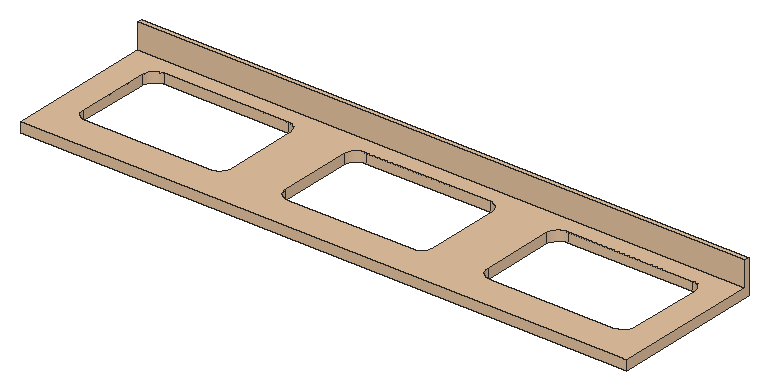
Revit family
Parameters (values of type "600mm Depth")
  Counter Thickness = 40 mm
  Counter Top Material = none
  Depth = 625 mm
  Height = 900 mm
  Length [instance] = 2500 mm
  Sink Location [instance] = 1200 mm
  Sink Location To Wall [instance] = 100 mm
  Sink Opening Depth [instance] = 378 mm
  Sink Opening Width [instance] = 587 mm
  Assembly Code = ""
Reference planes
  plane 1 "Back": y = 0
  plane 2: z = 0
  plane 3 "Left": x = -1200.462
  plane 4 "Right": x = 1299.538
  plane 5 "Front": y = -625
  plane 6 "Top": z = 900
  plane 7 "Top Of Cabinet": z = 860
  plane 8: y = -19.05
  plane 9: z = 1001.6
  plane 10: x = 49.538
  plane 11: y = -100
  plane 12: x = 343.038
  plane 13: y = -478
  plane 14: x = -243.962
  plane 15: y = -87.3
  plane 16: x = 355.738
  plane 17: y = -490.7
  plane 18: x = -256.662
  plane 19: x = -783.796
  plane 20: x = -490.296
  plane 21: x = -1077.296
  plane 22: y = -87.3
  plane 23: x = -477.596
  plane 24: y = -490.7
  plane 25: x = -1089.996
  plane 26: x = -367.129
  plane 27: x = 466.204
  plane 28: x = 882.871
  plane 29: x = 589.371
  plane 30: x = 1176.371
  plane 31: y = -87.3
  plane 32: x = 576.671
  plane 33: y = -490.7
  plane 34: x = 1189.071
Forms (mm)
  Extrusion 1, solid, material <- "Counter Top Material"
    sketch origin (0, 0, 0) x (1, 0, 0) y (0, 1, 0)
      loop
        line (-1200.462, 0) -> (-1200.462, -625) -> (1299.538, -625) -> (1299.538, 0) -> (-1200.462, 0)
    from 860 to 900
  Extrusion 2, solid, material <- "Counter Top Material"
    sketch origin (0, 0, 0) x (1, 0, 0) y (0, 1, 0)
      loop
        line (1299.538, 0) -> (-1200.462, 0) -> (-1200.462, -19.05) -> (1299.538, -19.05) -> (1299.538, 0)
    from 900 to 1001.6
  Extrusion 3, void
    sketch origin (50, 0, 0) x (1, 0, 0) y (0, 1, 0)
      loop
        arc (-255.862, -87.3) -> (-291.783, -102.179) -> (-306.662, -138.1) r 50.8
        line (-306.662, -138.1) -> (-306.662, -439.9)
        arc (-306.662, -439.9) -> (-291.783, -475.821) -> (-255.862, -490.7) r 50.8
        line (-255.862, -490.7) -> (254.938, -490.7)
        arc (254.938, -490.7) -> (290.859, -475.821) -> (305.738, -439.9) r 50.8
        line (305.738, -439.9) -> (305.738, -138.1)
        arc (305.738, -138.1) -> (290.859, -102.179) -> (254.938, -87.3) r 50.8
        line (254.938, -87.3) -> (-255.862, -87.3)
    from 860 to 900
  Extrusion 4, void
    sketch origin (-783.333, 0, 0) x (1, 0, 0) y (0, 1, 0)
      loop
        arc (-255.862, -87.3) -> (-291.783, -102.179) -> (-306.662, -138.1) r 50.8
        line (-306.662, -138.1) -> (-306.662, -439.9)
        arc (-306.662, -439.9) -> (-291.783, -475.821) -> (-255.862, -490.7) r 50.8
        line (-255.862, -490.7) -> (254.938, -490.7)
        arc (254.938, -490.7) -> (290.859, -475.821) -> (305.738, -439.9) r 50.8
        line (305.738, -439.9) -> (305.738, -138.1)
        arc (305.738, -138.1) -> (290.859, -102.179) -> (254.938, -87.3) r 50.8
        line (254.938, -87.3) -> (-255.862, -87.3)
    from 860 to 900
  Extrusion 5, void
    sketch origin (882.409, 0, 0) x (-1, 0, 0) y (0, -1, 0)
      loop
        line (-255.862, 87.3) -> (254.938, 87.3)
        arc (254.938, 87.3) -> (290.859, 102.179) -> (305.738, 138.1) r 50.8
        line (305.738, 138.1) -> (305.738, 439.9)
        arc (305.738, 439.9) -> (290.859, 475.821) -> (254.938, 490.7) r 50.8
        line (254.938, 490.7) -> (-255.862, 490.7)
        arc (-255.862, 490.7) -> (-291.783, 475.821) -> (-306.662, 439.9) r 50.8
        line (-306.662, 439.9) -> (-306.662, 138.1)
        arc (-306.662, 138.1) -> (-291.783, 102.179) -> (-255.862, 87.3) r 50.8
    from 860 to 900
Cuts and joins
  Extrusion 3, Extrusion 4, Extrusion 5 cuts Extrusion 1
  Extrusion 3, Extrusion 4, Extrusion 5 cuts Extrusion 2
  joined: Extrusion 1, Extrusion 2
Lines and regions (mm)
  Masking region 1
    outline origin (0, 0, 860) x (0, -1, 0) y (1, 0, 0)
      loop
        line (0, -1200.462) -> (625, -1200.462) -> (625, 1299.538) -> (0, 1299.538) -> (0, -1200.462)
  symbolic lines, style "Counter Top"
    curve 1: line (-1200.462, -19.05, 860) -> (1299.538, -19.05, 860)
  symbolic lines, style "Sink Opening"
    curve 2: line (-193.162, -100, 860) -> (292.238, -100, 860)
    curve 3: line (-243.962, -427.2, 860) -> (-243.962, -150.8, 860)
    curve 4: line (292.238, -478, 860) -> (-193.162, -478, 860)
    curve 5: line (343.038, -150.8, 860) -> (343.038, -427.2, 860)
    curve 6: arc (-243.962, -150.8, 860) -> (-229.083, -114.879, 860) -> (-193.162, -100, 860) r 50.8
    curve 7: arc (292.238, -100, 860) -> (328.159, -114.879, 860) -> (343.038, -150.8, 860) r 50.8
    curve 8: arc (343.038, -427.2, 860) -> (328.159, -463.121, 860) -> (292.238, -478, 860) r 50.8
    curve 9: arc (-193.162, -478, 860) -> (-229.083, -463.121, 860) -> (-243.962, -427.2, 860) r 50.8
    curve 10: line (-1026.496, -100, 860) -> (-541.096, -100, 860)
    curve 11: line (-1077.296, -427.2, 860) -> (-1077.296, -150.8, 860)
    curve 12: line (-541.096, -478, 860) -> (-1026.496, -478, 860)
    curve 13: line (-490.296, -150.8, 860) -> (-490.296, -427.2, 860)
    curve 14: arc (-1077.296, -150.8, 860) -> (-1062.417, -114.879, 860) -> (-1026.496, -100, 860) r 50.8
    curve 15: arc (-541.096, -100, 860) -> (-505.175, -114.879, 860) -> (-490.296, -150.8, 860) r 50.8
    curve 16: arc (-490.296, -427.2, 860) -> (-505.175, -463.121, 860) -> (-541.096, -478, 860) r 50.8
    curve 17: arc (-1026.496, -478, 860) -> (-1062.417, -463.121, 860) -> (-1077.296, -427.2, 860) r 50.8
    curve 18: line (1125.571, -100, 860) -> (640.171, -100, 860)
    curve 19: line (1176.371, -427.2, 860) -> (1176.371, -150.8, 860)
    curve 20: line (640.171, -478, 860) -> (1125.571, -478, 860)
    curve 21: line (589.371, -150.8, 860) -> (589.371, -427.2, 860)
    curve 22: arc (1176.371, -150.8, 860) -> (1161.492, -114.879, 860) -> (1125.571, -100, 860) r 50.8
    curve 23: arc (640.171, -100, 860) -> (604.25, -114.879, 860) -> (589.371, -150.8, 860) r 50.8
    curve 24: arc (589.371, -427.2, 860) -> (604.25, -463.121, 860) -> (640.171, -478, 860) r 50.8
    curve 25: arc (1125.571, -478, 860) -> (1161.492, -463.121, 860) -> (1176.371, -427.2, 860) r 50.8
Dimensions and locks
  "Depth": plane 5 "Front" to plane 1 "Back"
  "Length": plane 3 "Left" to plane 4 "Right"  (x2)
  "Height": level to plane 6 "Top"
  "Counter Thickness": plane 7 "Top Of Cabinet" to plane 6 "Top"
  locked: plane 8 to plane 1 "Back" at 19.05
  plane 6 "Top" to plane 9 = 101.6 mm
  "Sink Opening Width": plane 14 to plane 12
  "Sink Opening Depth": plane 13 to plane 11
  equal spacing: plane 14, plane 10, plane 12
  "Sink Location To Wall": plane 11 to plane 1 "Back"
  locked: plane 11 to plane 15 at 12.7
  locked: plane 17 to plane 13 at 12.7
  locked: plane 18 to plane 14 at 12.7
  locked: plane 12 to plane 16 at 12.7
  "Sink Opening Width": plane 21 to plane 20
  equal spacing: plane 21, plane 19, plane 20
  locked: plane 25 to plane 21 at 12.7
  locked: plane 20 to plane 23 at 12.7
  equal spacing: plane 3 "Left", plane 19, plane 26, plane 10, plane 27, plane 28, plane 4 "Right"
  "Sink Opening Width": plane 30 to plane 29
  equal spacing: plane 30, plane 28, plane 29
  locked: plane 34 to plane 30 at 12.7
  locked: plane 29 to plane 32 at 12.7
  locked: curve 4 to Extrusion 4 sketch curve at 12.7
  locked: Extrusion 5 sketch curve to curve 4 at 12.7
  aligned and locked: plane 1 "Back" to Extrusion 1 sketch curve
  aligned and locked: plane 4 "Right" to Extrusion 1 sketch curve
  aligned and locked: Extrusion 1 sketch curve to plane 5 "Front"
  aligned and locked: Extrusion 1 sketch curve to plane 3 "Left"
  aligned and locked: Extrusion 1 to plane 6 "Top"
  aligned and locked: plane 7 "Top Of Cabinet" to Extrusion 1
  aligned and locked: Extrusion 2 sketch curve to plane 1 "Back"
  aligned and locked: plane 8 to Extrusion 2 sketch curve
  aligned and locked: Extrusion 2 sketch curve to plane 4 "Right"
  aligned and locked: plane 3 "Left" to Extrusion 2 sketch curve
  aligned and locked: Extrusion 2 to plane 9
  aligned and locked: plane 6 "Top" to Extrusion 2
  aligned and locked: Extrusion 3 to plane 6 "Top"
  aligned and locked: Extrusion 1 to Extrusion 3
  aligned and locked: plane 15 to Extrusion 3 sketch curve
  aligned and locked: plane 16 to Extrusion 3 sketch curve
  aligned and locked: Extrusion 3 sketch curve to plane 17
  aligned and locked: Extrusion 3 sketch curve to plane 18
  aligned and locked: plane 1 "Back" to Masking region 1 sketch curve
  aligned and locked: plane 4 "Right" to Masking region 1 sketch curve
  aligned and locked: Masking region 1 sketch curve to plane 5 "Front"
  aligned and locked: Masking region 1 sketch curve to plane 3 "Left"
  aligned and locked: plane 22 to Extrusion 4 sketch curve
  aligned and locked: plane 23 to Extrusion 4 sketch curve
  aligned and locked: Extrusion 4 sketch curve to plane 25
  aligned and locked: Extrusion 5 sketch curve to plane 31
  aligned and locked: Extrusion 5 sketch curve to plane 32
  aligned and locked: Extrusion 5 sketch curve to plane 34
Automatic sketch dimensions
  Extrusion 3 sketch curve to plane 14 = 38.1 mm  (x2)
  plane 12 to Extrusion 3 sketch curve = 38.1 mm  (x2)
  Extrusion 4 sketch curve to plane 21 = 38.1 mm  (x2)
  plane 20 to Extrusion 4 sketch curve = 38.1 mm  (x2)
  curve 1 to plane 4 "Right" = 0 mm
  curve 1 to plane 8 = 0 mm
  curve 2 to plane 11 = 0 mm
  curve 15 to plane 11 = 0 mm
  curve 23 to plane 11 = 0 mm
  curve 6 to plane 14 = 0 mm
  curve 22 to plane 30 = 0 mm
  curve 21 to plane 29 = 0 mm
  curve 5 to plane 12 = 0 mm
  curve 15 to plane 20 = 0 mm
  curve 8 to plane 13 = 0 mm
  curve 20 to plane 13 = 0 mm
  curve 17 to plane 13 = 0 mm
  curve 1 to plane 3 "Left" = 0 mm
  plane 11 to curve 7 = 50.8 mm
  plane 11 to curve 6 = 50.8 mm
  plane 11 to curve 22 = 50.8 mm
  plane 11 to curve 21 = 50.8 mm
  plane 11 to curve 15 = 50.8 mm
  plane 11 to curve 11 = 50.8 mm
  curve 13 to plane 13 = 50.8 mm
  curve 25 to curve 20 = 50.8 mm
  curve 24 to plane 13 = 50.8 mm
  curve 11 to plane 13 = 50.8 mm
  curve 3 to plane 13 = 50.8 mm
  curve 5 to plane 13 = 50.8 mm
  plane 30 to Extrusion 5 sketch curve = 38.1 mm  (x2)
  Extrusion 5 sketch curve to plane 29 = 38.1 mm  (x2)
  curve 17 to plane 21 = 0 mm
